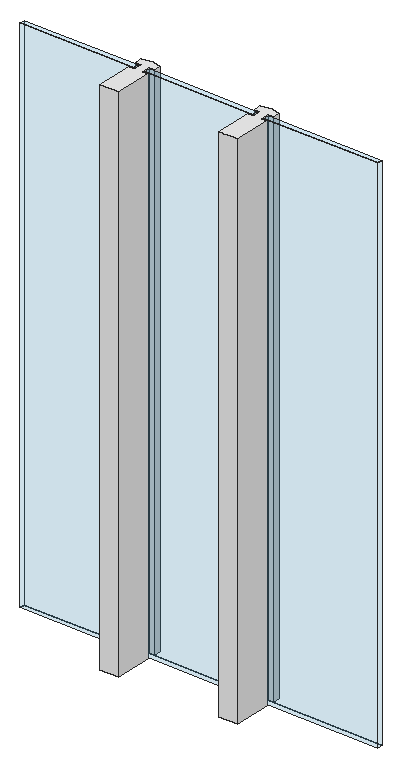
Revit family "Curtain Panel", category Windows, Revit 2021
Family settings
  Always vertical = Yes
  Cut with Voids When Loaded = No
  Shared = No
  Room Calculation Point = No
Parameters (values of type "3 Bay")
  Offset = 0' - 1 1/4"
  Description = "The Aubin Academy Master Series"
Reference planes (in)
  plane 1 "Center (Front/Back)": y = 0
  plane 2: z = 0
  plane 3 "Center (Left/Right)": x = 0
  plane 4 "Left": x = -32.75106
  plane 5 "Right": x = 32.75106
  plane 6 "Top": z = 96
  plane 7 "Mullion Center Right": x = -10.91702
  plane 8 "Mullion Center Left": x = 10.91702
  plane 9: x = 11.91702
  plane 10: x = 9.91702
  plane 11: x = -9.91702
  plane 12: x = -11.91702
  plane 13 "Offset Line": y = 1.25
Forms (in)
  Sweep 1, solid, material "Metal - Aluminum"
    path origin (0, 1.25, 0) x (1, 0, 0) y (0, 0, 1)
      loop
        line (10.91702, 0) -> (10.91702, 96)
    profile "MRAC Mullion Shape : 3.5" x 10"" origin (10.91702, 1.25, 48) x (-1, 0, 0) y (0, -1, 0)
      loop
        line (1.75, 7.5) -> (-1.75, 7.5) -> (-1.75, 0.75) -> (-0.75, 0.75) -> (-0.75, -0.75) -> (-1.75, -0.75) -> (-1.75, -2) -> (0, -2.5) -> (1.75, -2) -> (1.75, -0.75) -> (0.75, -0.75) -> (0.75, 0.75) -> (1.75, 0.75) -> (1.75, 7.5)
  Extrusion 2, solid
    sketch origin (0, 1.25, 0) x (-1, 0, 0) y (0, 0, 1)
      loop
        line (-32.75106, 96) -> (-32.75106, 0) -> (-11.91702, 0) -> (-11.91702, 96) -> (-32.75106, 96)
    from -0.5 to 0.5
  Sweep 3, solid, material "Metal - Aluminum"
    path origin (0, 1.25, 0) x (1, 0, 0) y (0, 0, 1)
      loop
        line (-10.91702, 0) -> (-10.91702, 96)
    profile "MRAC Mullion Shape : 3.5" x 10"" origin (-10.91702, 1.25, 48) x (-1, 0, 0) y (0, -1, 0)
      loop
        line (-1.75, 7.5) -> (-1.75, 0.75) -> (-0.75, 0.75) -> (-0.75, -0.75) -> (-1.75, -0.75) -> (-1.75, -2) -> (0, -2.5) -> (1.75, -2) -> (1.75, -0.75) -> (0.75, -0.75) -> (0.75, 0.75) -> (1.75, 0.75) -> (1.75, 7.5) -> (-1.75, 7.5)
  Extrusion 4, solid
    sketch origin (0, 1.25, 0) x (-1, 0, 0) y (0, 0, 1)
      loop
        line (32.75106, 96) -> (11.91702, 96) -> (11.91702, 0) -> (32.75106, 0) -> (32.75106, 96)
    from -0.5 to 0.5
  Extrusion 5, solid
    sketch origin (0, 1.25, 0) x (-1, 0, 0) y (0, 0, 1)
      loop
        line (9.91702, 96) -> (-9.91702, 96) -> (-9.91702, 0) -> (9.91702, 0) -> (9.91702, 96)
    from -0.5 to 0.5
Lines and regions (in)
  symbolic lines, style "WindowsGlassProjection"
    curve 1: line (-32.75106, 0.75, 0) -> (-11.91702, 0.75, 0)
    curve 2: line (-32.75106, 1.75, 0) -> (-32.75106, 0.75, 0)
    curve 3: line (-11.91702, 1.75, 0) -> (-32.75106, 1.75, 0)
    curve 4: line (-11.91702, 0.75, 0) -> (-11.91702, 1.75, 0)
    curve 5: line (-9.91702, 1.75, 0) -> (9.91702, 1.75, 0)
    curve 6: line (-9.91702, 0.75, 0) -> (-9.91702, 1.75, 0)
    curve 7: line (9.91702, 0.75, 0) -> (-9.91702, 0.75, 0)
    curve 8: line (9.91702, 1.75, 0) -> (9.91702, 0.75, 0)
    curve 9: line (11.91702, 1.75, 0) -> (32.75106, 1.75, 0)
    curve 10: line (11.91702, 0.75, 0) -> (11.91702, 1.75, 0)
    curve 11: line (32.75106, 0.75, 0) -> (11.91702, 0.75, 0)
    curve 12: line (32.75106, 1.75, 0) -> (32.75106, 0.75, 0)
Text (in)
  text "Exterior" at (-65.12119, 31.38743, 0), in view "Ref. Level"
Dimensions and locks (in)
  equal spacing: plane 4 "Left", plane 3 "Center (Left/Right)", plane 5 "Right"
  equal spacing: plane 4 "Left", plane 7 "Mullion Center Right", plane 8 "Mullion Center Left", plane 5 "Right"
  plane 10 to plane 8 "Mullion Center Left" to plane 9 = 0' - 1" locked, 0' - 1" locked
  plane 12 to plane 7 "Mullion Center Right" to plane 11 = 0' - 1" locked, 0' - 1" locked
  "Offset": plane 1 "Center (Front/Back)" to plane 13 "Offset Line"
  aligned and locked: Extrusion 2 to plane 9
  aligned and locked: Extrusion 5 to plane 11
  aligned and locked: Extrusion 5 to plane 10
  aligned and locked: Extrusion 4 to curve 1
  aligned and locked: curve 1 to Extrusion 4
  aligned and locked: curve 4 to Extrusion 4
  aligned and locked: curve 5 to Extrusion 5  (x2)
  aligned and locked: Extrusion 5 to curve 8
  aligned and locked: curve 8 to Extrusion 5
  aligned and locked: curve 9 to Extrusion 2  (x2)
  aligned and locked: Extrusion 2 to curve 12
  aligned and locked: curve 12 to Extrusion 2
Automatic sketch dimensions
  Extrusion 4 sketch curve to plane 6 "Top" = 0' - 0"
  Extrusion 4 sketch curve to plane 12 = 0' - 0"
  Extrusion 4 sketch curve to level = 0' - 0"
  Extrusion 4 sketch curve to plane 4 "Left" = 0' - 0"
  Extrusion 5 sketch curve to plane 6 "Top" = 0' - 0"
  Extrusion 5 sketch curve to plane 10 = 0' - 0"
  Extrusion 5 sketch curve to level = 0' - 0"
  Extrusion 5 sketch curve to plane 11 = 0' - 0"
  Extrusion 2 sketch curve to level = 0' - 0"
  Extrusion 2 sketch curve to plane 5 "Right" = 0' - 0"
  Extrusion 2 sketch curve to plane 9 = 0' - 0"
  Extrusion 2 sketch curve to plane 6 "Top" = 0' - 0"
  curve 3 to plane 12 = 0' - 0"
  Sweep 3 sketch curve to plane 6 "Top" = 0' - 0"
  Sweep 3 sketch curve to plane 7 "Mullion Center Right" = 0' - 0"
  Sweep 3 sketch curve to level = 0' - 0"
  Sweep 1 sketch curve to plane 6 "Top" = 0' - 0"
  Sweep 1 sketch curve to plane 8 "Mullion Center Left" = 0' - 0"
  Sweep 1 sketch curve to level = 0' - 0"
